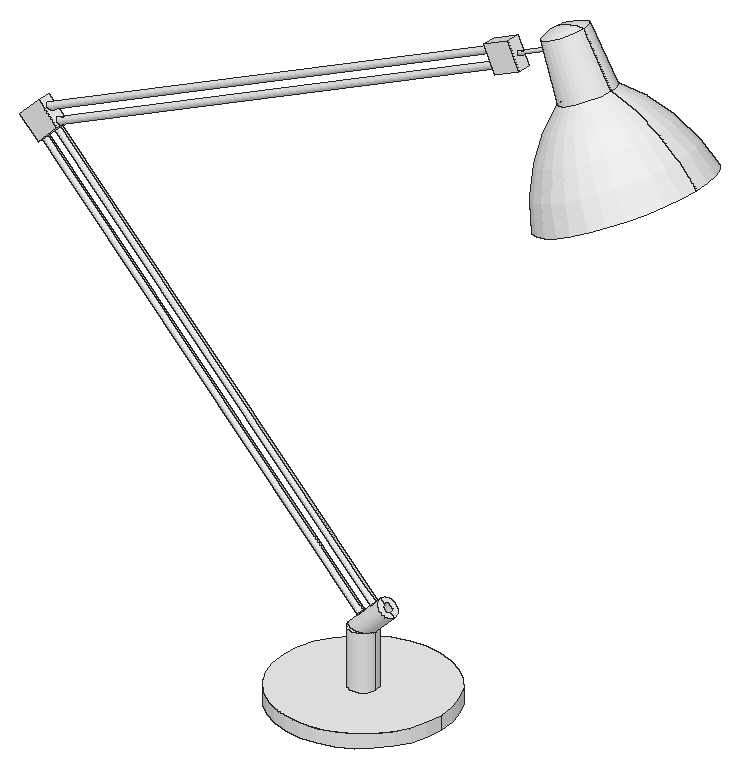
Revit family "Table Lamp Arm", category Lighting Fixtures, Revit 2015
Parameters (values of type "60W - 277V")
  Wattage = 60 W
  built-in parameter 1150110 = 1 (stored number, unit not read)
  built-in parameter 1114217 = 1 (stored number, unit not read)
  built-in parameter 1150109 = 1 (stored number, unit not read)
  built-in parameter 1150134 = 4
  built-in parameter 1150113 = 1 (stored number, unit not read)
  Tilt Angle = 60.00°
  built-in parameter 1010507 = 1.5708 (stored number, unit not read)
  built-in parameter 1010506 = 0.5236 (stored number, unit not read)
  built-in parameter 1150115 = 1 (stored number, unit not read)
  built-in parameter 1150105 = 2858.8 (stored number, unit not read)
  Load Classification = Lighting - Dwelling Unit
  Light Source Symbol Length = 600 mm
  built-in parameter 1150137 = 1
  built-in parameter 1150139 = (empty or 0)
  built-in parameter 1150112 = 1 (stored number, unit not read)
  built-in parameter 1150114 = 1 (stored number, unit not read)
  built-in parameter 1150132 = (empty or 0)
  built-in parameter 1150102 = (empty or 0)
  built-in parameter 1150138 = (empty or 0)
  built-in parameter 1150107 = 2800 (stored number, unit not read)
  built-in parameter 1150106 = 28.588 (stored number, unit not read)
  built-in parameter 1150104 = 1.3239 (stored number, unit not read)
  Dimming Lamp Color Temperature Shift = <None>
  Color Filter = 16777215
  built-in parameter 1140040 [instance] = 1
  Ballast Voltage = 277 V
  Ballast Number of Poles = 1
  built-in parameter 1114218 = 1 (stored number, unit not read)
  built-in parameter 1150133 = 10 (stored number, unit not read)
  Assembly Code = "D5020220"
  Lamp = "A-19"
  Lumens = 855 lm
  Shade Material = Chrome Polished
  Base MaterialStand = Chrome Polished
  Wattage Comments = ""
  Apparent Load = 60 VA
Types (5, lengths in mm): name | Wattage | built-in parameter 1150105 | Light Source Symbol Length | built-in parameter 1150106 | built-in parameter 1150104 | Ballast Voltage | Lamp | Lumens | Apparent Load
  (no name) | 60 W | 2858.8 (stored number, unit not read) | 600 | 28.588 (stored number, unit not read) | 1.3239 (stored number, unit not read) | 277 V | "A-19" | 855 lm | 60 VA
  100W - 277V | 100 W | 4012.3 (stored number, unit not read) | 3048 | 40.123 (stored number, unit not read) | 1.1148 (stored number, unit not read) | 277 V | "R-30" | 1200 lm | 100 VA
  60W - 120V | 60 W | 2858.8 (stored number, unit not read) | 3048 | 28.588 (stored number, unit not read) | 1.3239 (stored number, unit not read) | 120 V | "A-19" | 855 lm | 60 VA
  60W - 277V | 60 W | 2858.8 (stored number, unit not read) | 600 | 28.588 (stored number, unit not read) | 1.3239 (stored number, unit not read) | 277 V | "A-19" | 855 lm | 60 VA
  100W - 120V | 100 W | 4012.3 (stored number, unit not read) | 3048 | 40.123 (stored number, unit not read) | 1.1148 (stored number, unit not read) | 120 V | "R-30" | 1200 lm | 100 VA
Reference planes
  plane 1 "Light Source Axis": y = 0
  plane 2: z = 0
  plane 3: through (-31.75, 0, 31.75) normal (-0.7071, 0, 0.7071)
  plane 4: through (34.245, 0, 34.245) normal (0.7071, 0, 0.7071)
  plane 5: through (52.205, 0, 52.205) normal (0.7071, 0, 0.7071)
  plane 6: through (48.637, 0, 48.637) normal (0.7071, 0, 0.7071)
  plane 7: through (-213.455, 0, 457.757) normal (0.4226, 0, -0.9063)
  plane 8: through (-210.772, 0, 452.002) normal (0.4226, 0, -0.9063)
  plane 9: through (-206.746, 0, 443.369) normal (0.4226, 0, -0.9063)
  plane 10: through (-204.063, 0, 437.614) normal (0.4226, 0, -0.9063)
  plane 11: through (-208.371, 0, 446.853) normal (0.4226, 0, -0.9063)
  plane 12: through (363.488, 0, 169.497) normal (0.9063, 0, 0.4226)
  plane 13: through (455.569, 0, 212.435) normal (0.9063, 0, 0.4226)
  plane 14: through (392.263, 0, 182.915) normal (0.9063, 0, 0.4226)
  plane 15: through (426.793, 0, 199.017) normal (0.9063, 0, 0.4226)
  plane 16: through (-177.757, 0, 381.201) normal (0.4226, 0, -0.9063)
  plane 17 "Light Source Axis": x = 228.6
  plane 18 "Light Source Elevation": z = 546.1
Forms (mm)
  Extrusion 1, solid, material "Chrome Polished" <- "Base MaterialStand"
    sketch origin (0, 0, 0) x (1, 0, 0) y (0, 1, 0)
      loop
        circle (0, 0) r 76.2
    from 0 to 12.7
  Revolve 2, solid, material "Chrome Polished" <- "Base MaterialStand"
    sketch origin (0, 0, 0) x (1, 0, 0) y (0, 0, 1)
      loop
        line (-12.7, 12.7) -> (0, 12.7) -> (0, 63.5) -> (-12.7, 63.5) -> (-12.7, 12.7)
      axis (0, 63.5) -> (0, 12.7)
    angle from 0 to 360
  Revolve 3, solid, material "Chrome Polished" <- "Base MaterialStand"
    sketch origin (0, 0, 0) x (1, 0, 0) y (0, 0, 1)
      loop
        line (-12.7, 63.5) -> (-5.965, 63.5) -> (20.976, 90.441) -> (17.608, 93.808) -> (-12.7, 63.5)
      axis (-6.35, 57.15) -> (23.958, 87.458)
    angle from 0 to 360
  Revolve 4, solid, material "Chrome Polished" <- "Base MaterialStand"
    sketch origin (0, 0, 0) x (1, 0, 0) y (0, 0, 1)
      loop
        line (-4.218, 72.707) -> (-1.973, 74.952) -> (-325.262, 398.241) -> (-327.507, 395.996) -> (-4.218, 72.707)
      axis (-1.973, 74.952) -> (-325.262, 398.241)
    angle from 0 to 360
  Revolve 5, solid, material "Chrome Polished" <- "Base MaterialStand"
    sketch origin (0, 0, 0) x (1, 0, 0) y (0, 0, 1)
      loop
        line (10.537, 86.737) -> (12.782, 88.982) -> (-310.596, 412.36) -> (-312.841, 410.115) -> (10.537, 86.737)
      axis (10.537, 86.737) -> (-312.841, 410.115)
    angle from 0 to 360
  Extrusion 6, solid, material "Chrome Polished" <- "Base MaterialStand"
    sketch origin (0, 0, 0) x (1, 0, 0) y (0, 0, 1)
      loop
        line (-327.507, 395.996) -> (-309.546, 378.036) -> (-291.586, 395.996) -> (-309.546, 413.957) -> (-327.507, 395.996)
    from -6.35 to 6.35
  Revolve 7, solid, material "Chrome Polished" <- "Base MaterialStand"
    sketch origin (0, 0, 0) x (1, 0, 0) y (0, 0, 1)
      loop
        line (-304.081, 408.491) -> (133.304, 612.447) -> (132.043, 615.151) -> (-306.326, 410.736) -> (-304.081, 408.491)
      axis (-305.065, 408.032) -> (133.304, 612.447)
    angle from 0 to 360
  Revolve 8, solid, material "Chrome Polished" <- "Base MaterialStand"
    sketch origin (0, 0, 0) x (1, 0, 0) y (0, 0, 1)
      loop
        line (-294.421, 395.479) -> (142.963, 599.435) -> (141.621, 602.312) -> (-295.763, 398.357) -> (-294.421, 395.479)
      axis (-295.763, 398.357) -> (141.621, 602.312)
    angle from 0 to 360
  Extrusion 9, solid, material "Chrome Polished" <- "Base MaterialStand"
    sketch origin (0, 0, 0) x (1, 0, 0) y (0, 0, 1)
      loop
        line (145.184, 624.993) -> (122.393, 614.366) -> (133.128, 591.345) -> (155.919, 601.973) -> (145.184, 624.993)
    from -6.35 to 6.35
  Revolve 10, solid, material "Chrome Polished" <- "Base MaterialStand"
    sketch origin (0, 0, 0) x (1, 0, 0) y (0, 0, 1)
      loop
        line (150.269, 614.089) -> (184.799, 630.191) -> (184.128, 631.629) -> (149.598, 615.528) -> (150.269, 614.089)
      axis (184.799, 630.191) -> (150.269, 614.089)
    angle from 0 to 360
  Revolve 11, solid, material "Chrome Polished" <- "Shade Material"
    sketch origin (0, 0, 0) x (1, 0, 0) y (0, 0, 1)
      loop
        line (178.154, 640.434) -> (195.93, 591.596)
        arc (195.93, 591.596) -> (182.483, 542.231) -> (186.135, 491.198) r 152.38
        line (186.135, 491.198) -> (188.244, 491.966)
        arc (188.244, 491.966) -> (184.97, 543.239) -> (198.922, 592.685) r 152.38
        line (198.922, 592.685) -> (181.547, 640.422)
        arc (181.547, 640.422) -> (186.883, 646.929) -> (194.24, 651.014) r 22.437
        line (194.24, 651.014) -> (193.262, 653.111)
        arc (193.262, 653.111) -> (184.705, 647.968) -> (178.154, 640.434) r 31.933
      axis (193.89, 653.404) -> (254.716, 522.962)
    angle from 0 to 360
Lines and regions (mm)
  symbolic lines
    curve 1: arc (76.2, 0, 0) -> (0, 76.2, 0) -> (-76.2, 0, 0) r 76.2
    curve 2: arc (-76.2, 0, 0) -> (0, -76.2, 0) -> (76.2, 0, 0) r 76.2
    curve 3: arc (330.405, 0, 0) -> (254.205, 76.2, 0) -> (178.005, 0, 0) r 76.2
    curve 4: arc (178.005, 0, 0) -> (254.205, -76.2, 0) -> (330.405, 0, 0) r 76.2
    curve 5: arc (12.7, 0, 0) -> (0, 12.7, 0) -> (-12.7, 0, 0) r 12.7
    curve 6: arc (-12.7, 0, 0) -> (0, -12.7, 0) -> (12.7, 0, 0) r 12.7
    curve 7: line (-291.586, 0, 0) -> (178.005, 0, 0)
    curve 8: line (-327.507, 6.35, 0) -> (-291.586, 6.35, 0)
    curve 9: line (-327.507, 6.35, 0) -> (-327.507, -6.35, 0)
    curve 10: line (-327.507, -6.35, 0) -> (-291.586, -6.35, 0)
    curve 11: line (-291.586, 6.35, 0) -> (-291.586, -6.35, 0)
Dimensions and locks
  aligned and locked: plane 1 "Light Source Axis" to imposter light
Connectors
  electrical at (150.551, 0, 613.483), driven by "Apparent Load", driven by "Ballast Voltage", driven by "Ballast Number of Poles", driven by "Load Classification"
    settings: on Extrusion 9, index 1, voltage 277 V, apparent load 0 VA, apparent load phase1 60 VA, apparent load phase2 0 VA, apparent load phase3 0 VA, power factor 0.95, load classification "Lighting - Dwelling Unit", number of poles 1, system type 31, power factor state 1, is connector primary yes, connector utility no, sub classification motor no, connector description ""
